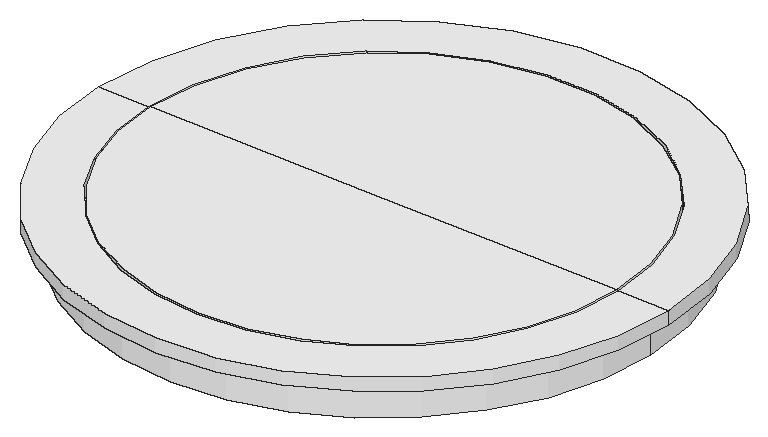
Revit family "C1310", category Plumbing Fixtures, host Face, Revit 2026
Family settings
  Host = Face
  Round Connector Dimension = Use Diameter
  Part Type = Normal
  Classification Number = 23.45.55.21
  Enable Cutting in Views = No
  Cut with Voids When Loaded = Yes
  Maintain Annotation Orientation = No
  Shared = No
  Room Calculation Point = No
Parameters (values of type "2"")
  WFU = 0
  URL = "WWW.MIFAB.COM"
  Top Assembly Height = 0.000"
  Strainer Radius = Stainer Diameter / 2  # 2.750"
  Stainer Diameter = 5.500"
  Pipe Radius = Pipe Diameter / 2  # 1.000"
  Pipe Diameter = 2.000"
  Model = "C1310"
  Manufacturer = "MIFAB"
  Floor Drain Material = Paint - Sherwin Williams Paint - #952C2A - Bellwood Red
  Description = "FLOOR ACCESS COVER"
  Default Elevation = 0.000"
  Cover Diameter = 4.500"
  Body Height = 1.000"
Types (7): name | Strainer Radius | Stainer Diameter | Pipe Radius | Pipe Diameter | Cover Diameter
  (no name) | 2.750" | 5.500" | 1.000" | 2.000" | 4.500"
  8" | 5.750" | 11.500" | 4.000" | 8.000" | 10.250"
  2" | 2.750" | 5.500" | 1.000" | 2.000" | 4.500"
  3" | 2.750" | 5.500" | 1.500" | 3.000" | 4.500"
  4" | 3.375" | 6.750" | 2.000" | 4.000" | 5.750"
  5" | 4.000" | 8.000" | 2.500" | 5.000" | 7.000"
  6" | 4.750" | 9.500" | 3.000" | 6.000" | 8.250"
Reference planes (in)
  plane 1 "Center (Front/Back)": y = 0
  plane 2: z = 0
  plane 3 "Center (Left/Right)": x = 0
  plane 4: x = -2.75
  plane 5: x = 2.75
  plane 6: z = -1
  plane 7: x = -1
  plane 8: x = 1
  plane 9: z = 0
  plane 10: x = -2.25
  plane 11: x = 2.25
Forms (in)
  Revolve 1, solid, material "Paint - Sherwin Williams Paint - #952C2A - Bellwood Red" <- "Floor Drain Material"
    sketch origin (0, 0, 0) x (1, 0, 0) y (0, 0, 1)
      loop
        line (1.17001, -0.44996) -> (2.57548, -0.44996) -> (2.57548, -0.12503) -> (2.75, -0.12503) -> (2.75, 0) -> (2.27, 0) -> (2.27, -0.125) -> (1, -0.125) -> (1, -1) -> (1.06999, -1) -> (1.06999, -0.54998)
        arc (1.06999, -0.54998) -> (1.09928, -0.47926) -> (1.17001, -0.44996) r 0.10002
      axis (0, 0) -> (0, -1)
    angle from 0 to 360
  Revolve 2, solid, material "Paint - Sherwin Williams Paint - #952C2A - Bellwood Red" <- "Floor Drain Material"
    sketch origin (0, 0, 0) x (1, 0, 0) y (0, 0, 1)
      loop
        line (0, 0) -> (-2.25, 0) -> (-2.25, -0.125) -> (0, -0.125) -> (0, 0)
      axis (0, 0) -> (0, -0.125)
    angle from 0 to 360
Lines and regions (in)
  symbolic lines
    curve 1: circle (0, 0, 0) r 2.75 normal (0, 0, 1)
Dimensions and locks (in)
  equal spacing: plane 5, plane 3 "Center (Left/Right)", plane 4
  "Stainer Diameter": plane 5 to plane 4
  "Body Height": plane 9 to plane 6
  equal spacing: plane 8, plane 3 "Center (Left/Right)", plane 7
  "Pipe Diameter": plane 8 to plane 7
  "Top Assembly Height": host face to plane 9
  locked: Revolve 1 sketch curve to Revolve 1 sketch curve at 0.06999
  locked: Revolve 1 sketch curve to Revolve 1 sketch curve at 0.48
  equal spacing: plane 11, plane 3 "Center (Left/Right)", plane 10
  "Cover Diameter": plane 11 to plane 10
  "Strainer Radius": radius of curve 1
  aligned and locked: plane 2 to host face
  aligned and locked: level to host face
  aligned and locked: plane 1 "Center (Front/Back)" to curve 1
  aligned and locked: plane 3 "Center (Left/Right)" to curve 1
  aligned and locked: Revolve 1 sketch curve to level
  aligned and locked: plane 5 to Revolve 1 sketch curve
  aligned and locked: host face to Revolve 2 sketch curve
  aligned and locked: Revolve 2 sketch curve to Revolve 1
  aligned and locked: Revolve 2 sketch curve to plane 3 "Center (Left/Right)"
  aligned and locked: Revolve 2 sketch curve to plane 10
Automatic sketch dimensions
  host sketch curve to host sketch curve = 96.000"  (x2)
  plane 8 to Revolve 1 sketch curve = 0.000"
  Revolve 1 sketch curve to plane 6 = 0.000"
  Revolve 1 sketch curve to plane 3 "Center (Left/Right)" = 0.000"
  Revolve 1 sketch curve to Revolve 1 sketch curve = 0.10002"
  Revolve 1 sketch curve to Revolve 1 sketch curve = 0.32493"
  Revolve 1 sketch curve to level = 0.125"
  Revolve 1 sketch curve to plane 6 = 21.500"
  plane 5 to Revolve 1 sketch curve = 0.17452"
  Revolve 1 sketch curve to level = 0.12503"
  level to Revolve 1 sketch curve = 102.71882"
  Revolve 2 sketch curve to plane 3 "Center (Left/Right)" = 0.000"
  Revolve 2 sketch curve to plane 6 = 0.35631"
  Revolve 2 sketch curve to Revolve 2 sketch curve = 0.39369"
  plane 1 "Center (Front/Back)" to curve 1 = 0.000"
  curve 1 to plane 3 "Center (Left/Right)" = 0.000"
